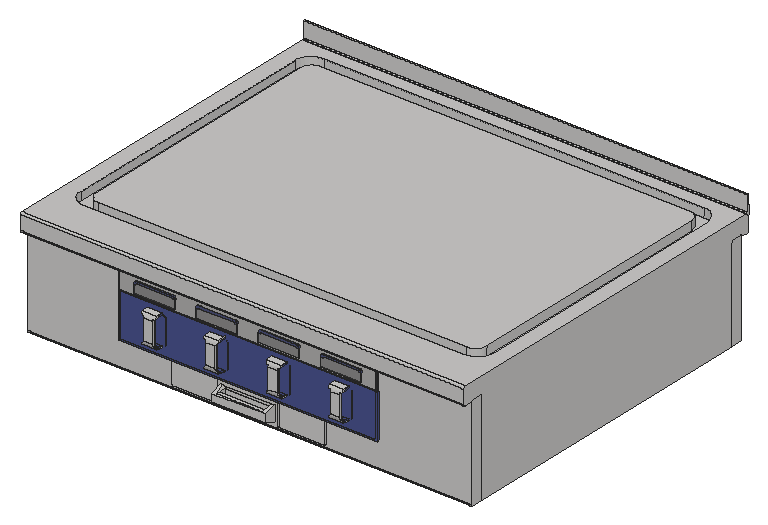
Revit family "QF_ELECTROLUXPROFESSIONAL_588010_MALDABHOAO", category Specialty Equipment, Revit 2018
Family settings
  Round Connector Dimension = Use Diameter
  Part Type = Normal
  Work Plane-Based = No
  Always vertical = Yes
  Cut with Voids When Loaded = No
  Shared = No
  Room Calculation Point = No
Parameters
  Weight in Pounds = 253.5  # constant formula
  Watts = 12000 VA  # 12000 W
  Volts = 400 V  # constant formula
  URL Cutsheet = ""
  Type Mark [instance] = ""
  Status [instance] = ""
  Specification by User [instance] = ""
  Specification by Manufacturer = ""
  Serial Number = ""
  Seismic Rating = ""
  SMACNA No = ""
  Revision Code [instance] = ""
  Phase = 3  # constant formula
  Omniclass Number and Title = ""
  Number of Poles [instance] = 1
  NAFEM Spec ID Number = ""
  Model = "588010"
  Min Ckt Ampacity = 0 A
  Max Overcurrent Protection = 0 A
  Masterspec = ""
  Manufacturer = "ELECTROLUX"
  Item Number [instance] = ""
  Installed By [instance] = ""
  Identify Quantity as Lot [instance] = yes
  HP = "16.1 HP"
  Furnished By [instance] = ""
  Foodservice Equipment Identifier [instance] = yes
  FL Amps [instance] = if(Phase = 3, Watts / (Volts * 1.73), Watts / Volts)  # 17.341 A
  Electrical Remarks = "400 V/3N ph/50/60 Hz"  # constant formula
  Electric Connection Type [instance] = ""
  Elec Conn RI Height [instance] = 0 mm
  Elec Conn Connection Height [instance] = 0 mm
  Direct Waste Size = 0"
  Description = "EL.SOLID TOP,4ZNE,ECO,1S,BS,1000X800X250"
  Cycle [instance] = if([60 Hertz Option], 60 Hz, 50 Hz)  # 60 Hz
  Conn Plug = ""
  Conn Conduit = yes
  CSI MasterFormat = ""
  CSI Master Format = ""
  Back Panel [instance] = yes
  Apparent Power [instance] = if(Phase = 3, Volts * FL Amps * 1.73, Volts * FL Amps)  # 12000 VA
  60 Hertz Option [instance] = not([50 Hertz Option])  # yes
  50 Hertz Option [instance] = no
Reference planes
  plane 1 "BACK": y = -100
  plane 2: z = 0
  plane 3 "LEFT": x = 0
  plane 4 "RIGHT": x = 1000
  plane 5 "FRONT": y = -900
  plane 6 "TOP": z = 250
  plane 7: x = 500
  plane 8: y = -500
  plane 9: y = -1330
Forms (mm)
  Extrusion 1, solid, material "QF_Finishes_Stainless Steel"
    sketch origin (0, -487.128, 0) x (0, 1, 0) y (0, 0, 1)
      loop
        line (383.128, 250) -> (-408.872, 250)
        arc (-408.872, 250) -> (-411.7, 248.828) -> (-412.872, 246) r 4
        line (-412.872, 246) -> (-412.872, 214)
        arc (-412.872, 214) -> (-411.443, 210.936) -> (-408.177, 210.061) r 4
        line (-408.177, 210.061) -> (-391.509, 213) -> (-366.872, 213) -> (-366.872, 0) -> (341.128, 0) -> (341.128, 213) -> (365.765, 213) -> (382.433, 210.061)
        arc (382.433, 210.061) -> (385.699, 210.936) -> (387.128, 214) r 4
        line (387.128, 214) -> (387.128, 246)
        arc (387.128, 246) -> (385.956, 248.828) -> (383.128, 250) r 4
    from 0 to 1000
  Extrusion 2, solid, material "QF_Finishes_Stainless Steel", visible <- "Back Panel"
    sketch origin (0, 0, 0) x (0, 1, 0) y (0, 0, 1)
      loop
        line (-146, 0) -> (-120, 0) -> (-120, 215)
        arc (-120, 215) -> (-120.586, 213.586) -> (-122, 213) r 2
        line (-122, 213) -> (-146, 213) -> (-146, 0)
    from 0 to 1000
  Extrusion 3, void
    sketch origin (653.786, -55.952, 250) x (1, 0, 0) y (0, -1, 0)
      loop
        line (274.614, 755.048) -> (-582.186, 755.048)
        arc (-582.186, 755.048) -> (-608.349, 744.211) -> (-619.186, 718.048) r 37
        line (-619.186, 718.048) -> (-619.186, 115.648)
        arc (-619.186, 115.648) -> (-608.349, 89.485) -> (-582.186, 78.648) r 37
        line (-582.186, 78.648) -> (274.614, 78.648)
        arc (274.614, 78.648) -> (300.777, 89.485) -> (311.614, 115.648) r 37
        line (311.614, 115.648) -> (311.614, 718.048)
        arc (311.614, 718.048) -> (300.777, 744.211) -> (274.614, 755.048) r 37
    from 0 to 19.1
  Extrusion 4, solid, material "QF_Finishes_Stainless Steel"
    sketch origin (0, -854, 0) x (1, 0, 0) y (0, -1, 0)
      loop
        circle (955, -169) r 6.35
    from 0 to 3.2
  Extrusion 5, solid, material "QF_Finishes_Stainless Steel"
    sketch origin (653.786, -55.952, 230.9) x (1, 0, 0) y (0, 1, 0)
      loop
        line (260.814, -104.048) -> (-568.386, -104.048)
        arc (-568.386, -104.048) -> (-586.347, -111.488) -> (-593.786, -129.448) r 25.4
        line (-593.786, -129.448) -> (-593.786, -704.248)
        arc (-593.786, -704.248) -> (-586.347, -722.209) -> (-568.386, -729.648) r 25.4
        line (-568.386, -729.648) -> (260.814, -729.648)
        arc (260.814, -729.648) -> (278.774, -722.209) -> (286.214, -704.248) r 25.4
        line (286.214, -704.248) -> (286.214, -129.448)
        arc (286.214, -129.448) -> (278.774, -111.488) -> (260.814, -104.048) r 25.4
    from 0 to 19.1
  Extrusion 6, solid, material "QF_Door-Drawer Clearances", detail levels coarse
    sketch origin (537.31, -881.593, 8.62) x (0, 0, 1) y (-1, 0, 0)
      loop
        line (1.973, -134.295) -> (49.317, -134.295)
        arc (49.317, -134.295) -> (50.776, -133.691) -> (51.38, -132.232) r 2.063
        line (51.38, -132.232) -> (51.38, 206.852)
        arc (51.38, 206.852) -> (50.88, 208.549) -> (49.541, 209.705) r 3.133
        line (49.541, 209.705) -> (3.067, 209.705)
        arc (3.067, 209.705) -> (0.898, 208.807) -> (0, 206.638) r 3.067
        line (0, 206.638) -> (0, -132.322)
        arc (0, -132.322) -> (0.578, -133.717) -> (1.973, -134.295) r 1.973
    from 0 to 448.407
  Extrusion 7, solid, material "QF_Finishes_Stainless Steel"
    sketch origin (0, -950.048, 294.179) x (0, -1, 0) y (0, 0, -1)
      loop
        arc (-848.097, 42.179) -> (-847.511, 43.594) -> (-846.097, 44.179) r 2
        arc (-846.097, 44.179) -> (-848.877, 45.357) -> (-850.048, 48.185) r 4
        line (-850.048, 48.185) -> (-850.048, 6.179) -> (-848.097, 6.179) -> (-848.097, 42.179)
    from 0 to 1000
Cuts and joins
  Extrusion 3 cuts Extrusion 1
Lines and regions (mm)
  symbolic lines
    curve 1: line (0, -100, 0) -> (1000, -100, 0)
    curve 2: line (0, -900, 0) -> (0, -100, 0)
    curve 3: line (1000, -900, 0) -> (0, -900, 0)
    curve 4: line (1000, -100, 0) -> (1000, -900, 0)
    curve 5: line (273.641, -902.326, 0) -> (273.641, -900, 0)
    curve 6: spline (279.31, -903.73, 0) -> (278.831, -903.657, 0) -> (278.353, -903.575, 0) -> (277.876, -903.486, 0) -> (277.4, -903.389, 0) -> (276.925, -903.283, 0) -> (276.452, -903.17, 0) -> (275.98, -903.049, 0) -> (275.509, -902.92, 0) -> (275.039, -902.783, 0) -> (274.572, -902.638, 0) -> (274.105, -902.486, 0) -> (273.641, -902.326, 0)
    curve 7: line (305.857, -902.326, 0) -> (305.857, -900, 0)
    curve 8: spline (305.857, -902.326, 0) -> (305.392, -902.486, 0) -> (304.926, -902.638, 0) -> (304.458, -902.783, 0) -> (303.989, -902.92, 0) -> (303.518, -903.049, 0) -> (303.046, -903.17, 0) -> (302.572, -903.283, 0) -> (302.098, -903.389, 0) -> (301.622, -903.486, 0) -> (301.145, -903.575, 0) -> (300.667, -903.657, 0) -> (300.188, -903.73, 0)
    curve 9: line (279.31, -903.73, 0) -> (300.188, -903.73, 0)
    curve 10: line (413.892, -902.326, 0) -> (413.892, -900, 0)
    curve 11: spline (419.561, -903.73, 0) -> (419.082, -903.657, 0) -> (418.604, -903.575, 0) -> (418.127, -903.486, 0) -> (417.651, -903.389, 0) -> (417.177, -903.283, 0) -> (416.703, -903.17, 0) -> (416.231, -903.049, 0) -> (415.76, -902.92, 0) -> (415.29, -902.783, 0) -> (414.823, -902.638, 0) -> (414.357, -902.486, 0) -> (413.892, -902.326, 0)
    curve 12: line (446.108, -902.326, 0) -> (446.108, -900, 0)
    curve 13: spline (446.108, -902.326, 0) -> (445.643, -902.486, 0) -> (445.177, -902.638, 0) -> (444.71, -902.783, 0) -> (444.24, -902.92, 0) -> (443.769, -903.049, 0) -> (443.297, -903.17, 0) -> (442.823, -903.283, 0) -> (442.349, -903.389, 0) -> (441.873, -903.486, 0) -> (441.396, -903.575, 0) -> (440.918, -903.657, 0) -> (440.439, -903.73, 0)
    curve 14: line (419.561, -903.73, 0) -> (440.439, -903.73, 0)
    curve 15: line (726.359, -902.326, 0) -> (726.359, -900, 0)
    curve 16: spline (720.69, -903.73, 0) -> (721.169, -903.657, 0) -> (721.647, -903.575, 0) -> (722.124, -903.486, 0) -> (722.6, -903.389, 0) -> (723.075, -903.283, 0) -> (723.548, -903.17, 0) -> (724.02, -903.049, 0) -> (724.491, -902.92, 0) -> (724.961, -902.783, 0) -> (725.428, -902.638, 0) -> (725.895, -902.486, 0) -> (726.359, -902.326, 0)
    curve 17: line (694.143, -902.326, 0) -> (694.143, -900, 0)
    curve 18: spline (694.143, -902.326, 0) -> (694.608, -902.486, 0) -> (695.074, -902.638, 0) -> (695.542, -902.783, 0) -> (696.011, -902.92, 0) -> (696.482, -903.049, 0) -> (696.954, -903.17, 0) -> (697.428, -903.283, 0) -> (697.902, -903.389, 0) -> (698.378, -903.486, 0) -> (698.855, -903.575, 0) -> (699.333, -903.657, 0) -> (699.812, -903.73, 0)
    curve 19: line (720.69, -903.73, 0) -> (699.812, -903.73, 0)
    curve 20: line (586.108, -902.326, 0) -> (586.108, -900, 0)
    curve 21: spline (580.439, -903.73, 0) -> (580.918, -903.657, 0) -> (581.396, -903.575, 0) -> (581.873, -903.486, 0) -> (582.349, -903.389, 0) -> (582.823, -903.283, 0) -> (583.297, -903.17, 0) -> (583.769, -903.049, 0) -> (584.24, -902.92, 0) -> (584.71, -902.783, 0) -> (585.177, -902.638, 0) -> (585.643, -902.486, 0) -> (586.108, -902.326, 0)
    curve 22: line (553.892, -902.326, 0) -> (553.892, -900, 0)
    curve 23: spline (553.892, -902.326, 0) -> (554.357, -902.486, 0) -> (554.823, -902.638, 0) -> (555.29, -902.783, 0) -> (555.76, -902.92, 0) -> (556.231, -903.049, 0) -> (556.703, -903.17, 0) -> (557.177, -903.283, 0) -> (557.651, -903.389, 0) -> (558.127, -903.486, 0) -> (558.604, -903.575, 0) -> (559.082, -903.657, 0) -> (559.561, -903.73, 0)
    curve 24: line (580.439, -903.73, 0) -> (559.561, -903.73, 0)
    curve 36: line (914.6, -160, 0) -> (85.4, -160, 0)
    curve 37: arc (85.4, -160, 0) -> (67.439, -167.439, 0) -> (60, -185.4, 0) r 25.4
    curve 38: line (60, -185.4, 0) -> (60, -760.2, 0)
    curve 39: arc (60, -760.2, 0) -> (67.439, -778.161, 0) -> (85.4, -785.6, 0) r 25.4
    curve 40: line (85.4, -785.6, 0) -> (914.6, -785.6, 0)
    curve 41: arc (914.6, -785.6, 0) -> (932.561, -778.161, 0) -> (940, -760.2, 0) r 25.4
    curve 42: line (940, -760.2, 0) -> (940, -185.4, 0)
    curve 43: arc (940, -185.4, 0) -> (932.561, -167.439, 0) -> (914.6, -160, 0) r 25.4
    curve 44: line (0, -101.951, 0) -> (1000, -101.951, 0)
    curve 45: line (446.108, -900, 0) -> (447.685, -908.767, 0)
    curve 46: line (447.685, -908.767, 0) -> (550.042, -908.767, 0)
    curve 47: line (550.042, -908.767, 0) -> (551.62, -900, 0)
  symbolic lines, style "QF_Door-Drawer Clearances"
    curve 25: line (327.605, -1330, 0) -> (327.605, -900, 0)
    curve 26: line (327.605, -1330, 0) -> (671.605, -1330, 0)
    curve 27: line (671.605, -1330, 0) -> (671.605, -900, 0)
  symbolic lines, style "SpecialityEquipment"
    curve 28: line (71.6, -134.6, 0) -> (928.4, -134.6, 0)
    curve 29: arc (928.4, -134.6, 0) -> (954.563, -145.437, 0) -> (965.4, -171.6, 0) r 37
    curve 30: line (965.4, -171.6, 0) -> (965.4, -772.524, 0)
    curve 31: arc (965.4, -772.524, 0) -> (954.131, -799.731, 0) -> (926.924, -811, 0) r 38.476
    curve 32: line (926.924, -811, 0) -> (71.6, -811, 0)
    curve 33: arc (71.6, -811, 0) -> (45.437, -800.163, 0) -> (34.6, -774, 0) r 37
    curve 34: line (34.6, -774, 0) -> (34.6, -171.6, 0)
    curve 35: arc (34.6, -171.6, 0) -> (45.437, -145.437, 0) -> (71.6, -134.6, 0) r 37
Dimensions and locks
  plane 3 "LEFT" to plane 4 "RIGHT" = 1000 mm
  plane 5 "FRONT" to plane 1 "BACK" = 800 mm
  equal spacing: plane 3 "LEFT", plane 7, plane 4 "RIGHT"
  equal spacing: plane 5 "FRONT", plane 8, plane 1 "BACK"
  plane 6 "TOP" to level = 250 mm  (x2)
  plane 1 "BACK" to plane 5 "FRONT" = 800 mm
  Extrusion 4 sketch curve to plane 1 "BACK" = 585 mm
  Extrusion 4 sketch curve to plane 4 "RIGHT" = 45 mm
  plane 5 "FRONT" to plane 9 = 430 mm
  aligned and locked: level to plane 2
  aligned and locked: cut or joined group of Extrusion 1, Extrusion 3 to plane 4 "RIGHT"
  aligned and locked: Extrusion 2 to plane 4 "RIGHT"
  aligned and locked: plane 7 to nested 1
  aligned and locked: Extrusion 7 to plane 4 "RIGHT"
Automatic sketch dimensions
  Extrusion 2 sketch curve to Extrusion 2 sketch curve = 26 mm
  plane 1 "BACK" to Extrusion 2 sketch curve = 22 mm
  Extrusion 2 sketch curve to Extrusion 2 sketch curve = 2 mm
  level to Extrusion 2 sketch curve = 213 mm
  Extrusion 1 sketch curve to plane 5 "FRONT" = 0 mm
  Extrusion 1 sketch curve to plane 6 "TOP" = 0 mm
  Extrusion 1 sketch curve to level = 0 mm
  Extrusion 1 sketch curve to plane 1 "BACK" = 0 mm
  Extrusion 1 sketch curve to plane 6 "TOP" = 37 mm  (x2)
  Extrusion 1 sketch curve to plane 5 "FRONT" = 4 mm
  Extrusion 1 sketch curve to plane 5 "FRONT" = 21.363 mm
  Extrusion 1 sketch curve to plane 5 "FRONT" = 46 mm
  plane 1 "BACK" to Extrusion 1 sketch curve = 21.363 mm
  plane 1 "BACK" to Extrusion 1 sketch curve = 4 mm  (x2)
  Extrusion 1 sketch curve to Extrusion 1 sketch curve = 4 mm
  Extrusion 1 sketch curve to Extrusion 1 sketch curve = 0.695 mm
  Extrusion 1 sketch curve to Extrusion 1 sketch curve = 0 mm  (x4)
  plane 1 "BACK" to Extrusion 1 sketch curve = 4.695 mm
  Extrusion 1 sketch curve to Extrusion 1 sketch curve = 1 mm  (x2)
  plane 1 "BACK" to Extrusion 1 sketch curve = 46 mm
  plane 5 "FRONT" to curve 25 = 0 mm
  plane 5 "FRONT" to curve 27 = 0 mm
  plane 3 "LEFT" to curve 25 = 327.605 mm
  plane 7 to curve 27 = 171.605 mm
  curve 25 to curve 25 = 430 mm
  level to Extrusion 6 sketch curve = 8.62 mm
  level to Extrusion 6 sketch curve = 57.937 mm
  plane 7 to Extrusion 6 sketch curve = 171.605 mm
  Extrusion 6 sketch curve to Extrusion 6 sketch curve = 1.973 mm
  Extrusion 6 sketch curve to Extrusion 6 sketch curve = 3.067 mm
  Extrusion 6 sketch curve to Extrusion 6 sketch curve = 46.474 mm
  Extrusion 6 sketch curve to Extrusion 6 sketch curve = 2.063 mm
  Extrusion 6 sketch curve to Extrusion 6 sketch curve = 3.133 mm
  plane 3 "LEFT" to Extrusion 6 sketch curve = 330.672 mm
  plane 3 "LEFT" to curve 34 = 34.6 mm
  curve 34 to curve 38 = 25.4 mm
  curve 37 to curve 35 = 11.6 mm
  curve 39 to curve 33 = 11.6 mm
  curve 33 to curve 39 = 13.8 mm
  curve 35 to curve 37 = 13.8 mm
  plane 7 to curve 36 = 414.6 mm
  plane 7 to curve 41 = 414.6 mm
  curve 40 to curve 32 = 12.324 mm
  curve 36 to curve 29 = 13.8 mm
  curve 29 to curve 43 = 11.6 mm  (x2)
  curve 33 to plane 5 "FRONT" = 89 mm
  curve 40 to curve 31 = 13.076 mm
  plane 1 "BACK" to curve 43 = 85.4 mm
  curve 38 to curve 34 = 13.8 mm
  Extrusion 1 to Extrusion 3 sketch curve = 34.6 mm  (x2)
  Extrusion 1 to Extrusion 3 sketch curve = 85 mm
  Extrusion 3 sketch curve to Extrusion 3 sketch curve = 37 mm  (x4)
  Extrusion 1 to Extrusion 3 sketch curve = 30.6 mm
  Extrusion 5 sketch curve to Extrusion 3 = 25.4 mm  (x4)
  Extrusion 5 sketch curve to Extrusion 5 sketch curve = 25.4 mm  (x4)
  Extrusion 7 sketch curve to plane 1 "BACK" = 0 mm  (x2)
  Extrusion 7 sketch curve to plane 6 "TOP" = 2 mm
  Extrusion 7 sketch curve to plane 6 "TOP" = 0 mm
  Extrusion 7 sketch curve to Extrusion 7 sketch curve = 1.951 mm
  plane 6 "TOP" to Extrusion 7 sketch curve = 0.006 mm
  Extrusion 7 sketch curve to Extrusion 7 sketch curve = 0.049 mm
  Extrusion 7 sketch curve to Extrusion 7 sketch curve = 36 mm
  Extrusion 7 sketch curve to Extrusion 7 sketch curve = 0 mm
  plane 1 "BACK" to curve 1 = 0 mm
  curve 1 to plane 4 "RIGHT" = 0 mm
  plane 5 "FRONT" to curve 12 = 0 mm
  curve 3 to plane 3 "LEFT" = 0 mm
  plane 5 "FRONT" to curve 20 = 2.326 mm
  plane 5 "FRONT" to curve 15 = 2.326 mm
  plane 7 to curve 15 = 226.359 mm
  plane 5 "FRONT" to curve 19 = 3.73 mm
  curve 15 to curve 19 = 5.669 mm
  curve 16 to curve 19 = 20.878 mm
  plane 5 "FRONT" to curve 17 = 2.326 mm
  curve 18 to curve 17 = 5.669 mm
  plane 7 to curve 20 = 86.108 mm
  plane 5 "FRONT" to curve 24 = 3.73 mm
  curve 20 to curve 24 = 5.669 mm
  curve 21 to curve 24 = 20.878 mm
  plane 5 "FRONT" to curve 22 = 2.326 mm
  curve 24 to curve 22 = 5.669 mm
  curve 45 to plane 7 = 52.315 mm
  curve 45 to curve 12 = 1.578 mm
  curve 12 to curve 14 = 5.669 mm
  plane 5 "FRONT" to curve 14 = 3.73 mm
  curve 14 to curve 14 = 20.878 mm
  plane 5 "FRONT" to curve 10 = 2.326 mm
  curve 11 to curve 10 = 5.669 mm
  plane 5 "FRONT" to curve 7 = 2.326 mm
  curve 10 to curve 7 = 108.035 mm
  plane 5 "FRONT" to curve 9 = 3.73 mm
  curve 7 to curve 9 = 5.669 mm
  curve 8 to curve 9 = 20.878 mm
  plane 5 "FRONT" to curve 5 = 2.326 mm
  curve 6 to curve 5 = 5.669 mm
  curve 15 to curve 16 = 9.839 mm
  plane 5 "FRONT" to curve 18 = 4.032 mm
  curve 18 to curve 19 = 4.17 mm
  plane 5 "FRONT" to curve 21 = 4.032 mm
  curve 21 to curve 21 = 4.17 mm
  plane 5 "FRONT" to curve 23 = 4.032 mm
  curve 23 to curve 23 = 4.17 mm
  curve 22 to curve 47 = 2.272 mm
  curve 23 to curve 46 = 3.85 mm
  plane 5 "FRONT" to curve 47 = 8.767 mm
  curve 12 to curve 13 = 9.839 mm
  curve 13 to curve 11 = 12.538 mm
  curve 7 to curve 8 = 9.839 mm
  curve 8 to curve 6 = 12.538 mm
  curve 12 to curve 12 = 2.326 mm
  plane 1 "BACK" to curve 44 = 1.951 mm
  curve 8 to plane 5 "FRONT" = 39.101 mm
  curve 6 to curve 8 = 0 mm
  curve 11 to plane 5 "FRONT" = 39.101 mm
  curve 11 to curve 13 = 0 mm
  curve 18 to curve 16 = 0 mm
  Extrusion 2 sketch curve to level = 0 mm
  radius of Extrusion 4 sketch curve = 6.35 mm
Nested families
  nested 1: "EST_800_1000 Front Panel Four Controls" at (-100, -854, -650), type "EST_800_1000 Front Panel Four Controls"
Connectors
  electrical at (955, -685, -3.2), driven by "Volts", driven by "Watts"
    settings: on Extrusion 4, index 1, voltage 400 V, apparent load 12000 VA, apparent load phase1 0 VA, apparent load phase2 0 VA, apparent load phase3 0 VA, power factor 1, load classification "Other", number of poles 1, system type 30, power factor state 1, is connector primary yes, connector utility no, sub classification motor no, connector description "ELECTRICAL CONNECTION"
Definition of nested family "EST_800_1000 Front Panel Four Controls"
  Parameters
    Keynote = ""
  Reference planes
    plane 1 "Center (Front/Back)": y = 0
    plane 2: z = 0
    plane 3 "Center (Left/Right)": x = 100
    plane 4: x = 600
    plane 5: x = 389.749
    plane 6: x = 530
    plane 7: x = 670.079
    plane 8: x = 809.948
  Forms (mm)
    Extrusion 1, void
      sketch origin (1213.217, 829.203, -1.25) x (1, 0, 0) y (0, 0, 1)
        loop
          line (-321.217, 853.25) -> (-905.217, 853.25) -> (-905.217, 711.25) -> (-321.217, 711.25) -> (-321.217, 853.25)
      from 843.409 to 854.203
    Extrusion 2, solid
      sketch origin (1133.217, 829.203, -1.25) x (0, 1, 0) y (0, 0, 1)
        loop
          arc (-854.203, 654.25) -> (-853.324, 652.129) -> (-851.203, 651.25) r 3
          line (-851.203, 651.25) -> (-829.203, 651.25) -> (-829.203, 864.25) -> (-854.203, 864.25) -> (-854.203, 654.25)
      from -1033.217 to -33.217
  Dimensions and locks
    aligned and locked: plane 4 to nested 6
  Nested families
    nested 1: "1200 Glass Panel with Four Reads" at (308, -30, 5.811), type "1200 Glass Panel with Four Reads"
    nested 2: "Sml  Range Control Handle" at (389.749, -26.645, -204.867), type "Sml  Range Control Handle"
    nested 3: "Sml  Range Control Handle" at (529.638, -26.645, -204.867), type "Sml  Range Control Handle"
    nested 4: "Sml  Range Control Handle" at (670.079, -26.645, -204.867), type "Sml  Range Control Handle"
    nested 5: "Sml  Range Control Handle" at (810.079, -26.645, -204.867), type "Sml  Range Control Handle"
    nested 6: "grease trap door1" at (667.599, -25, 0.608) x (-1, 0, 0) z (0, 0, 1), type "grease trap door"
  Definition of nested family "1200 Glass Panel with Four Reads"
    Reference planes
      plane 1 "Center (Front/Back)": y = 0
      plane 2: z = 0
      plane 3 "Center (Left/Right)": x = 0
      plane 4: x = 584
      plane 5: x = 581.091
      plane 6 "Top": z = 846.189
      plane 7 "Center": x = 292
    Forms (mm)
      Extrusion 1, solid
        sketch origin (550.286, 304.8, -4.308) x (1, 0, 0) y (0, 0, 1)
          loop
            line (-550.286, 806.791) -> (-550.286, 708.497) -> (33.714, 708.497) -> (33.714, 806.791) -> (-550.286, 806.791)
        from 300.031 to 304.8
      Extrusion 2, solid
        sketch origin (550.286, 304.8, -4.308) x (1, 0, 0) y (0, 0, 1)
          loop
            line (-550.286, 850.497) -> (-550.286, 806.791) -> (33.714, 806.791) -> (33.714, 850.497) -> (-550.286, 850.497)
        from 300.031 to 304.8
      Extrusion 3, void
        sketch origin (550.286, 304.8, -4.308) x (1, 0, 0) y (0, 0, 1)
          loop
            line (-547.628, 847.565) -> (-547.628, 710.699) -> (30.804, 710.699) -> (30.804, 847.565) -> (-547.628, 847.565)
        from 303.697 to 304.8
      Extrusion 4, solid, not visible
        sketch origin (550.286, 305.901, -4.308) x (1, 0, 0) y (0, 0, 1)
          loop
            line (-153.041, 812.62) -> (-153.041, 834.177) -> (-157.775, 834.177) -> (-159.574, 835.977) -> (-238.324, 835.977) -> (-240.124, 834.177) -> (-245.041, 834.177) -> (-245.041, 812.62) -> (-153.041, 812.62)
        from 304.798 to 306.745
      Extrusion 5, solid, not visible
        sketch origin (550.286, 305.901, -4.308) x (1, 0, 0) y (0, 0, 1)
          loop
            line (-240.027, 834.177) -> (-238.227, 835.977) -> (-159.594, 835.977) -> (-157.794, 834.177) -> (-153.083, 834.177)
            arc (-153.083, 834.177) -> (-154.26, 838.752) -> (-158.535, 840.763) r 5.549
            line (-158.535, 840.763) -> (-239.444, 840.763)
            arc (-239.444, 840.763) -> (-243.699, 838.747) -> (-244.835, 834.177) r 5.5
            line (-244.835, 834.177) -> (-240.027, 834.177)
        from 304.798 to 306.745
      Extrusion 6, solid
        sketch origin (700.989, 305.901, -4.308) x (1, 0, 0) y (0, 0, 1)
          loop
            line (-153.041, 812.62) -> (-153.041, 834.177) -> (-157.775, 834.177) -> (-159.574, 835.977) -> (-238.324, 835.977) -> (-240.124, 834.177) -> (-245.041, 834.177) -> (-245.041, 812.62) -> (-153.041, 812.62)
        from 304.798 to 306.745
      Extrusion 7, solid
        sketch origin (700.989, 305.901, -4.308) x (1, 0, 0) y (0, 0, 1)
          loop
            line (-240.027, 834.177) -> (-238.227, 835.977) -> (-159.594, 835.977) -> (-157.794, 834.177) -> (-153.083, 834.177)
            arc (-153.083, 834.177) -> (-154.26, 838.752) -> (-158.535, 840.763) r 5.549
            line (-158.535, 840.763) -> (-239.444, 840.763)
            arc (-239.444, 840.763) -> (-243.699, 838.747) -> (-244.835, 834.177) r 5.5
            line (-244.835, 834.177) -> (-240.027, 834.177)
        from 304.798 to 306.745
      Extrusion 8, solid
        sketch origin (560.989, 305.901, -4.308) x (1, 0, 0) y (0, 0, 1)
          loop
            line (-153.041, 812.62) -> (-153.041, 834.177) -> (-157.775, 834.177) -> (-159.574, 835.977) -> (-238.324, 835.977) -> (-240.124, 834.177) -> (-245.041, 834.177) -> (-245.041, 812.62) -> (-153.041, 812.62)
        from 304.798 to 306.745
      Extrusion 9, solid
        sketch origin (560.989, 305.901, -4.308) x (1, 0, 0) y (0, 0, 1)
          loop
            line (-240.027, 834.177) -> (-238.227, 835.977) -> (-159.594, 835.977) -> (-157.794, 834.177) -> (-153.083, 834.177)
            arc (-153.083, 834.177) -> (-154.26, 838.752) -> (-158.535, 840.763) r 5.549
            line (-158.535, 840.763) -> (-239.444, 840.763)
            arc (-239.444, 840.763) -> (-243.699, 838.747) -> (-244.835, 834.177) r 5.5
            line (-244.835, 834.177) -> (-240.027, 834.177)
        from 304.798 to 306.745
      Extrusion 10, solid
        sketch origin (700.989, 305.901, -4.308) x (1, 0, 0) y (0, 0, 1)
          loop
            line (-665.188, 812.62) -> (-573.188, 812.62) -> (-573.188, 834.177) -> (-578.105, 834.177) -> (-579.905, 835.977) -> (-658.655, 835.977) -> (-660.455, 834.177) -> (-665.188, 834.177) -> (-665.188, 812.62)
        from 304.798 to 306.745
      Extrusion 11, solid
        sketch origin (700.989, 305.901, -4.308) x (1, 0, 0) y (0, 0, 1)
          loop
            line (-578.203, 834.177) -> (-573.394, 834.177)
            arc (-573.394, 834.177) -> (-574.53, 838.747) -> (-578.786, 840.763) r 5.5
            line (-578.786, 840.763) -> (-659.695, 840.763)
            arc (-659.695, 840.763) -> (-663.97, 838.752) -> (-665.146, 834.177) r 5.549
            line (-665.146, 834.177) -> (-660.435, 834.177) -> (-658.636, 835.977) -> (-580.003, 835.977) -> (-578.203, 834.177)
        from 304.798 to 306.745
      Extrusion 12, solid
        sketch origin (560.989, 305.901, -4.308) x (1, 0, 0) y (0, 0, 1)
          loop
            line (-385.188, 812.62) -> (-293.188, 812.62) -> (-293.188, 834.177) -> (-298.105, 834.177) -> (-299.905, 835.977) -> (-378.655, 835.977) -> (-380.455, 834.177) -> (-385.188, 834.177) -> (-385.188, 812.62)
        from 304.798 to 306.745
      Extrusion 13, solid
        sketch origin (560.989, 305.901, -4.308) x (1, 0, 0) y (0, 0, 1)
          loop
            line (-298.203, 834.177) -> (-293.394, 834.177)
            arc (-293.394, 834.177) -> (-294.53, 838.747) -> (-298.786, 840.763) r 5.5
            line (-298.786, 840.763) -> (-379.695, 840.763)
            arc (-379.695, 840.763) -> (-383.97, 838.752) -> (-385.146, 834.177) r 5.549
            line (-385.146, 834.177) -> (-380.435, 834.177) -> (-378.636, 835.977) -> (-300.003, 835.977) -> (-298.203, 834.177)
        from 304.798 to 306.745
    Cuts and joins
      Extrusion 3 cuts Extrusion 1
      Extrusion 3 cuts Extrusion 2
    Lines and regions (mm)
      symbolic lines
        curve 1: line (0, 4.769, 0) -> (584, 4.769, 0)
    Dimensions and locks
      aligned and locked: Extrusion 1 to Extrusion 2
      aligned and locked: Extrusion 6 to Extrusion 7
      aligned and locked: Extrusion 8 to Extrusion 9
      aligned and locked: Extrusion 10 to Extrusion 11
      aligned and locked: Extrusion 12 to Extrusion 13
  Definition of nested family "Sml  Range Control Handle"
    Reference planes
      plane 1 "Center (Front/Back)": y = 0
      plane 2: z = 0
      plane 3 "Center (Left/Right)": x = 0
      plane 4: z = 971.092
    Forms (mm)
      Extrusion 1, solid
        sketch origin (-746.28, 380.497, 208.931) x (-1, 0, 0) y (0, 0, 1)
          loop
            line (-770.101, 786.798) -> (-770.101, 731.649)
            arc (-770.101, 731.649) -> (-769.759, 730.563) -> (-768.855, 729.87) r 1.893
            line (-768.855, 729.87) -> (-763.474, 727.911) -> (-729.81, 727.911) -> (-724.428, 729.87)
            arc (-724.428, 729.87) -> (-723.525, 730.563) -> (-723.183, 731.649) r 1.893
            line (-723.183, 731.649) -> (-723.183, 786.798)
            arc (-723.183, 786.798) -> (-723.529, 787.894) -> (-724.44, 788.593) r 1.91
            line (-724.44, 788.593) -> (-729.683, 790.819) -> (-763.601, 790.819) -> (-768.844, 788.593)
            arc (-768.844, 788.593) -> (-769.755, 787.894) -> (-770.101, 786.798) r 1.91
        from -382.35 to -378.852
      Sweep 2, solid
        path origin (-746.788, 380.496, 208.091) x (0, -1, 0) y (0, 0, 1)
          loop
            line (379.775, 793.281) -> (395.661, 791.048)
            arc (395.661, 791.048) -> (397.781, 787.377) -> (398.517, 783.202) r 12.207
            line (398.517, 783.202) -> (398.517, 737.368)
            arc (398.517, 737.368) -> (397.781, 733.193) -> (395.661, 729.522) r 12.207
            line (395.661, 729.522) -> (379.775, 727.289)
        profile origin (-746.788, -7.222, 1000.256) x (0, -0.139173, 0.990268) y (-1, 0, 0)
          loop
            line (0.782, -763.123) -> (0.782, -730.907) -> (-1.322, -730.907) -> (-1.322, -763.123) -> (0.782, -763.123)
      Sweep 3, solid
        path origin (-746.788, 380.715, 207.832) x (0, -1, 0) y (0, 0, 1)
          loop
            line (380.478, 795.442) -> (397.218, 793.09)
            arc (397.218, 793.09) -> (399.929, 788.473) -> (400.871, 783.202) r 15.207
            line (400.871, 783.202) -> (400.871, 737.584)
            arc (400.871, 737.584) -> (399.914, 732.274) -> (397.164, 727.633) r 15.207
            line (397.164, 727.633) -> (380.601, 725.305)
        profile origin (-746.788, -8.132, 1002.099) x (0, -0.139173, 0.990268) y (-1, 0, 0)
          loop
            line (0.782, -763.123) -> (0.782, -730.907) -> (-1.322, -730.907) -> (-1.322, -763.123) -> (0.782, -763.123)
      Extrusion 4, void
        sketch origin (889.253, 220.666, 207.993) x (1, 0, 0) y (0, 0, 1)
          loop
            line (-943.038, 816.854) -> (-943.038, 703.686) -> (-899.466, 734.196) -> (-899.466, 786.344) -> (-943.038, 816.854)
        from 230.636 to 242.25
      Extrusion 5, void
        sketch origin (-888.8, 220.666, 207.993) x (-1, 0, 0) y (0, 0, -1)
          loop
            line (-943.038, -816.854) -> (-899.466, -786.344) -> (-899.466, -734.196) -> (-943.038, -703.686) -> (-943.038, -816.854)
        from 230.636 to 242.25
      Extrusion 6, solid
        sketch origin (0, 0, 0) x (1, 0, 0) y (0, 0, 1)
          loop
            circle (0, 971.092) r 7.736
        from -3.137 to -1.645
    Cuts and joins
      Extrusion 4, Extrusion 5 cuts Sweep 3
      Extrusion 4, Extrusion 5 cuts Sweep 2
      joined: Extrusion 1, Extrusion 6
    Lines and regions (mm)
      symbolic lines
        curve 1: line (23.821, 1.645, 0) -> (-23.097, 1.645, 0)
        curve 2: line (16.334, -1.853, 0) -> (23.821, -1.853, 0)
        curve 3: line (-15.881, -19.189, 0) -> (-15.881, -1.853, 0)
        curve 4: line (-23.097, -1.853, 0) -> (-15.881, -1.853, 0)
        curve 5: line (16.334, -19.189, 0) -> (16.334, -1.853, 0)
        curve 6: spline (-15.881, -19.189, 0) -> (-15.417, -19.349, 0) -> (-14.951, -19.501, 0) -> (-14.483, -19.646, 0) -> (-14.014, -19.783, 0) -> (-13.543, -19.912, 0) -> (-13.071, -20.033, 0) -> (-12.597, -20.146, 0) -> (-12.122, -20.251, 0) -> (-11.646, -20.349, 0) -> (-11.169, -20.438, 0) -> (-10.691, -20.52, 0) -> (-10.213, -20.593, 0)
        curve 7: spline (10.666, -20.593, 0) -> (11.144, -20.52, 0) -> (11.622, -20.438, 0) -> (12.099, -20.349, 0) -> (12.575, -20.251, 0) -> (13.05, -20.146, 0) -> (13.524, -20.033, 0) -> (13.996, -19.912, 0) -> (14.467, -19.783, 0) -> (14.936, -19.646, 0) -> (15.404, -19.501, 0) -> (15.87, -19.349, 0) -> (16.334, -19.189, 0)
        curve 8: line (-10.213, -20.938, 0) -> (10.716, -20.938, 0)
        curve 9: line (-23.097, 1.645, 0) -> (-23.097, -1.853, 0)
        curve 10: line (23.821, 1.645, 0) -> (23.821, -1.853, 0)
    Dimensions and locks
      cut or joined group of Sweep 3, Extrusion 4, Extrusion 5 to cut or joined group of Sweep 3, Extrusion 4, Extrusion 5 = 71.686 mm
  Definition of nested family "grease trap door1"
    Reference planes
      plane 1 "Center (Front/Back)": y = 0
      plane 2: z = 0
      plane 3 "Center (Left/Right)": x = 0
    Forms (mm)
      Extrusion 1, solid
        sketch origin (1627.55, 854.203, -1.25) x (1, 0, 0) y (0, 0, 1)
          loop
            arc (-1627.55, 661.235) -> (-1626.972, 659.84) -> (-1625.577, 659.262) r 1.973
            line (-1625.577, 659.262) -> (-1494.325, 659.262)
            arc (-1494.325, 659.262) -> (-1492.156, 660.16) -> (-1491.258, 662.329) r 3.067
            line (-1491.258, 662.329) -> (-1491.258, 708.803)
            arc (-1491.258, 708.803) -> (-1492.414, 710.143) -> (-1494.111, 710.642) r 3.133
            line (-1494.111, 710.642) -> (-1625.486, 710.642)
            arc (-1625.486, 710.642) -> (-1626.945, 710.038) -> (-1627.55, 708.579) r 2.063
            line (-1627.55, 708.579) -> (-1627.55, 661.235)
        from 856.795 to 859.203
      Extrusion 2, solid
        sketch origin (445.874, 2476.61, 0) x (0, 1, 0) y (0, 0, 1)
          loop
            line (-2506.377, 675.273) -> (-2481.61, 667.505) -> (-2481.61, 700.995) -> (-2506.377, 693.227) -> (-2506.377, 675.273)
        from -437.68 to -317.68
      Extrusion 3, void
        sketch origin (1627.55, 854.203, -1.25) x (1, 0, 0) y (0, 0, 1)
          loop
            line (-1614.883, 703) -> (-1610.542, 695.433) -> (-1508.17, 695.433) -> (-1503.828, 703) -> (-1614.883, 703)
          loop
            line (-1614.883, 668) -> (-1502.669, 668) -> (-1507.01, 675.567) -> (-1610.542, 675.567) -> (-1614.883, 668)
        from 832.916 to 883.97
      Extrusion 4, void
        sketch origin (447.55, 854.203, -1.25) x (1, 0, 0) y (0, 0, 1)
          loop
            line (-430.542, 695.433) -> (-430.542, 675.567) -> (-328.17, 675.567) -> (-328.17, 695.433) -> (-430.542, 695.433)
        from 859.203 to 874.202
      Extrusion 5, solid
        sketch origin (1627.55, 854.203, -1.25) x (1, 0, 0) y (0, 0, 1)
          loop
            arc (-1731.556, 661.235) -> (-1730.978, 659.84) -> (-1729.583, 659.262) r 1.973
            line (-1729.583, 659.262) -> (-1390.623, 659.262)
            arc (-1390.623, 659.262) -> (-1388.454, 660.16) -> (-1387.556, 662.329) r 3.067
            line (-1387.556, 662.329) -> (-1387.556, 708.803)
            arc (-1387.556, 708.803) -> (-1388.712, 710.143) -> (-1390.409, 710.642) r 3.133
            line (-1390.409, 710.642) -> (-1729.493, 710.642)
            arc (-1729.493, 710.642) -> (-1730.952, 710.038) -> (-1731.556, 708.579) r 2.063
            line (-1731.556, 708.579) -> (-1731.556, 661.235)
        from 854.203 to 856.795
    Cuts and joins
      Extrusion 3 cuts Extrusion 1
      Extrusion 3, Extrusion 4 cuts Extrusion 2
      joined: Extrusion 1, Extrusion 2
    Lines and regions (mm)
      symbolic lines
        curve 1: line (0, -2.593, 0) -> (136.292, -2.593, 0)
        curve 2: line (17.557, -29.767, 0) -> (12.667, -2.593, 0)
        curve 3: line (17.557, -29.767, 0) -> (119.991, -29.767, 0)
        curve 4: line (119.991, -29.767, 0) -> (124.881, -2.593, 0)
        curve 5: line (68.146, -2.593, 0) -> (68.146, -29.767, 0)
      model lines
        curve 6: line (67.599, 0, 658.012) -> (67.599, 0, 709.392)
    Dimensions and locks
      aligned and locked: Extrusion 2 to Extrusion 1
      aligned and locked: Extrusion 3 to Extrusion 2
      aligned and locked: Extrusion 4 to Extrusion 1
